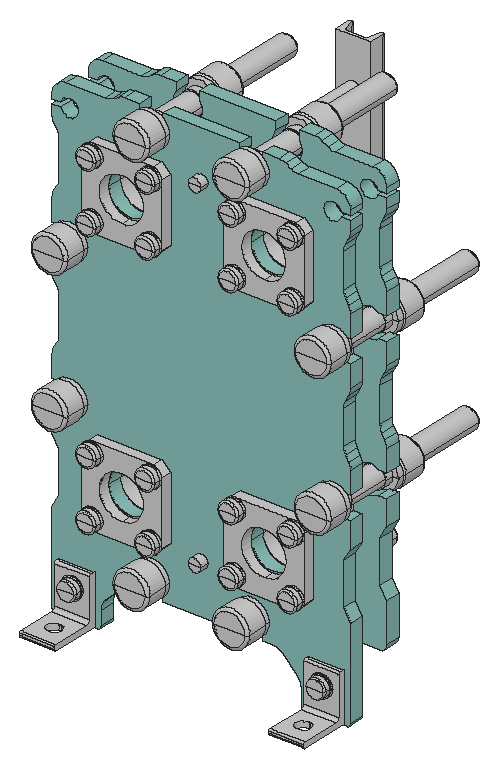
Revit family "Ekin_Endüstriyel - MIT510", category Specialty Equipment, Revit 2022
Family settings
  Round Connector Dimension = Use Diameter
  Part Type = Normal
  Work Plane-Based = No
  Always vertical = No
  Cut with Voids When Loaded = No
  Maintain Annotation Orientation = No
  Shared = No
  Room Calculation Point = No
Parameters (values of type "E12340000F50L")
  URL = "https://en.ekinendustriyel.com/plate-heat-exchanger"
  Type Comments = "10 bar"
  Model = "E12340000F50L"
  Material = Galvanized Steel- S235JR
  Manufacturer = "Ekin Endüstriyel"
  Keynote = "Flanged Connection"
  Description = "MIT - Heat Exchanger - 10 bar"
  Default Elevation = 0 mm
Reference planes
  plane 1 "Center (Front/Back)": y = 0
  plane 2: z = 0
  plane 3 "Center (Left/Right)": x = 0
  plane 4: x = 29.75
  plane 5: x = -29.75
Forms (mm)
  Revolve 1, solid, material "Galvanized Steel- S235JR", detail levels fine
    sketch origin (55.415, 0, 665) x (0, 1, 0) y (-1, 0, 0)
      loop
        line (239.929, 141.409) -> (133.1, 141.409) -> (133.1, 148.106)
        spline (133.1, 148.106) -> (133.043, 148.492) -> (132.937, 148.878) -> (132.783, 149.261) -> (132.58, 149.642) -> (132.33, 150.02) -> (132.032, 150.394) -> (131.687, 150.763) -> (131.296, 151.128) -> (130.86, 151.486) -> (130.378, 151.839) -> (129.853, 152.184) -> (129.284, 152.521)
        line (129.284, 152.521) -> (96.816, 152.521)
        spline (96.816, 152.521) -> (96.247, 152.184) -> (95.722, 151.839) -> (95.24, 151.486) -> (94.804, 151.128) -> (94.413, 150.763) -> (94.068, 150.394) -> (93.77, 150.02) -> (93.52, 149.642) -> (93.317, 149.261) -> (93.163, 148.878) -> (93.057, 148.492) -> (93, 148.106)
        line (93, 148.106) -> (93, 151.415) -> (85, 151.415) -> (85, 142.915) -> (73, 142.915) -> (73, 141.393) -> (12, 141.393) -> (12, 142.915) -> (0, 142.915) -> (0, 151.331) -> (-8.028, 151.331) -> (-8.028, 152.156) -> (-34.932, 152.156)
        arc (-34.932, 152.156) -> (-37.526, 151.081) -> (-38.6, 148.488) r 3.668
        line (-38.6, 148.488) -> (-38.6, 126.37) -> (242, 126.37) -> (242, 140.262) -> (239.929, 141.409)
      axis (-38.6, 126.37) -> (242, 126.37)
    angle from 0 to 360
  Revolve 2, solid, material "Galvanized Steel- S235JR", detail levels fine
    sketch origin (0, 0, 622.527) x (-1, 0, 0) y (0, -1, 0)
      loop
        line (0, -287) -> (9, -287) -> (9, -275) -> (6, -275) -> (6, -270) -> (9.5, -270) -> (9.5, -22) -> (6.243, -22) -> (6.243, 0) -> (9, 0) -> (9, 12) -> (0, 12) -> (0, -287)
      axis (0, 12) -> (0, -287)
    angle from 0 to 360
  Revolve 3, solid, material "Galvanized Steel- S235JR", detail levels fine
    sketch origin (-66.5, 0.5, 45) x (-1, 0, 0) y (0, -1, 0)
      loop
        line (116, -39.3) -> (118, -37.3) -> (118, -35.3) -> (123, -35.3) -> (124.678, -33.088) -> (124.678, -24.912) -> (123, -22.7) -> (126, -22.7) -> (126, -20.511)
        arc (126, -20.511) -> (125.85, -20.15) -> (125.489, -20) r 0.511
        line (125.489, -20) -> (118, -20) -> (118, 8) -> (126, 8) -> (126, 10.165)
        arc (126, 10.165) -> (125.843, 10.543) -> (125.465, 10.7) r 0.535
        line (125.465, 10.7) -> (124.062, 10.7) -> (124.062, 17.485) -> (123, 20.7) -> (111, 20.7) -> (111, -39.3) -> (116, -39.3)
      axis (111, 20.7) -> (111, -39.3)
    angle from 0 to 360
  Extrusion 4, solid, material "Galvanized Steel - S235JR", detail levels coarse
    sketch origin (0, 0, 0) x (1, 0, 0) y (0, 0, 1)
      loop
        line (212.5, 690) -> (-212.5, 690) -> (-212.5, 0) -> (212.5, 0) -> (212.5, 690)
    from 0 to -20
  Extrusion 5, solid, material "Galvanized Steel - S235JR", detail levels coarse
    sketch origin (0, 0, 0) x (1, 0, 0) y (0, 0, 1)
      loop
        line (212.5, 690) -> (-212.5, 690) -> (-212.5, 0) -> (212.5, 0) -> (212.5, 690)
    from -65 to -85
  Extrusion 6, solid, material "Galvanized Steel- S235JR", detail levels coarse
    sketch origin (0, 0, 0) x (1, 0, 0) y (0, 0, 1)
      loop
        line (212.5, 690) -> (-212.5, 690) -> (-212.5, 0) -> (212.5, 0) -> (212.5, 690)
    from -20 to -65
  Extrusion 7, solid, material "Galvanized Steel- S235JR", detail levels coarse
    sketch origin (0, 0, 0) x (1, 0, 0) y (0, 0, 1)
      loop
        line (-159, 627.5) -> (-159, 512.5) -> (-44, 512.5) -> (-44, 627.5) -> (-159, 627.5)
      loop
        line (159, 627.5) -> (44, 627.5) -> (44, 512.5) -> (159, 512.5) -> (159, 627.5)
      loop
        line (-159, 132.5) -> (-44, 132.5) -> (-44, 247.5) -> (-159, 247.5) -> (-159, 132.5)
      loop
        line (159, 132.5) -> (159, 247.5) -> (44, 247.5) -> (44, 132.5) -> (159, 132.5)
    from 0 to 15
  Extrusion 8, solid, material "Galvanized Steel- S235JR", detail levels coarse
    sketch origin (0, 0, 0) x (1, 0, 0) y (0, 0, 1)
      loop
        circle (-71, 665) r 21.546
      loop
        circle (-187.5, 480) r 21.546
      loop
        circle (-187.5, 280) r 21.546
      loop
        circle (-71, 92) r 21.546
      loop
        circle (71, 665) r 21.546
      loop
        circle (187.5, 480) r 21.546
      loop
        circle (187.5, 280) r 21.546
      loop
        circle (71, 92) r 21.546
    from 0 to 38.6
  Extrusion 9, solid, material "Galvanized Steel- S235JR", detail levels coarse
    sketch origin (0, 0, 0) x (1, 0, 0) y (0, 0, 1)
      loop
        circle (-71, 665) r 15
      loop
        circle (-187.5, 480) r 15
      loop
        circle (-187.5, 280) r 15
      loop
        circle (-71, 92) r 15
      loop
        circle (71, 665) r 15
      loop
        circle (187.5, 480) r 15
      loop
        circle (187.5, 280) r 15
      loop
        circle (71, 92) r 15
    from -242 to -85
  Extrusion 10, solid, material "Galvanized Steel- S235JR", detail levels coarse
    sketch origin (0, 0, 0) x (1, 0, 0) y (0, 0, 1)
      loop
        circle (0, 622.5) r 15
      loop
        circle (0, 137.5) r 15
    from -270 to -85
  Extrusion 11, solid, material "Galvanized Steel- S235JR", detail levels coarse
    sketch origin (0, 0, 318) x (-1, 0, 0) y (0, -1, 0)
      loop
        line (25, -270) -> (-25, -270) -> (-25, -295) -> (25, -295) -> (25, -270)
    from -318 to 372
  Extrusion 12, solid, material "Galvanized Steel- S235JR", detail levels coarse
    sketch origin (0, 0, 318) x (-1, 0, 0) y (0, -1, 0)
      loop
        line (202.5, 70) -> (152.5, 70) -> (152.5, 0) -> (202.5, 0) -> (202.5, 70)
      loop
        line (-202.5, 70) -> (-202.5, 0) -> (-152.5, 0) -> (-152.5, 70) -> (-202.5, 70)
    from -318 to -248
  Extrusion 13, solid, material "Galvanized Steel - S235JR", detail levels medium
    sketch origin (0, 0, 0) x (1, 0, 0) y (0, 0, 1)
      loop
        line (-212.5, 67) -> (212.5, 67) -> (212.5, 690) -> (-212.5, 690) -> (-212.5, 67)
      loop
        circle (71, 665) r 15
      loop
        circle (187.5, 480) r 15
      loop
        circle (187.5, 280) r 15
      loop
        circle (71, 92) r 15
      loop
        circle (-71, 92) r 15
      loop
        circle (-187.5, 280) r 15
      loop
        circle (-187.5, 480) r 15
      loop
        circle (-71, 665) r 15
      loop
        circle (0, 137.5) r 15
      loop
        circle (0, 622.5) r 15
    from -65 to -85
  Extrusion 14, solid, material "Galvanized Steel- S235JR", detail levels medium
    sketch origin (-187.5, 20, 280) x (0, 0, 1) y (1, 0, 0)
      loop
        line (355.5, 172.5) -> (343.5, 172.5)
        arc (343.5, 172.5) -> (328.5, 187.5) -> (343.5, 202.5) r 15
        line (343.5, 202.5) -> (355.5, 202.5) -> (355.5, 301)
        arc (355.5, 301) -> (340.855, 336.355) -> (305.5, 351) r 50
        line (305.5, 351) -> (-105.5, 351)
        arc (-105.5, 351) -> (-140.855, 336.355) -> (-155.5, 301) r 50
        line (-155.5, 301) -> (-155.5, 202.5) -> (-143.5, 202.5)
        arc (-143.5, 202.5) -> (-128.5, 187.5) -> (-143.5, 172.5) r 15
        line (-143.5, 172.5) -> (-155.5, 172.5) -> (-155.5, 74)
        arc (-155.5, 74) -> (-140.855, 38.644) -> (-105.5, 24) r 50
        line (-105.5, 24) -> (305.5, 24)
        arc (305.5, 24) -> (340.855, 38.644) -> (355.5, 74) r 50
        line (355.5, 74) -> (355.5, 172.5)
    from 0 to 45
  Extrusion 15, solid, material "Galvanized Steel- S235JR", detail levels medium
    sketch origin (0, 0, 0) x (1, 0, 0) y (0, 0, 1)
      loop
        arc (-143, 627.5) -> (-154.314, 622.814) -> (-159, 611.5) r 16
        line (-159, 611.5) -> (-159, 528.5)
        arc (-159, 528.5) -> (-154.314, 517.186) -> (-143, 512.5) r 16
        line (-143, 512.5) -> (-60, 512.5)
        arc (-60, 512.5) -> (-48.686, 517.186) -> (-44, 528.5) r 16
        line (-44, 528.5) -> (-44, 611.5)
        arc (-44, 611.5) -> (-48.686, 622.814) -> (-60, 627.5) r 16
        line (-60, 627.5) -> (-143, 627.5)
      loop
        circle (-101.5, 570) r 31.5
      loop
        line (143, 627.5) -> (60, 627.5)
        arc (60, 627.5) -> (48.686, 622.814) -> (44, 611.5) r 16
        line (44, 611.5) -> (44, 528.5)
        arc (44, 528.5) -> (48.686, 517.186) -> (60, 512.5) r 16
        line (60, 512.5) -> (143, 512.5)
        arc (143, 512.5) -> (154.314, 517.186) -> (159, 528.5) r 16
        line (159, 528.5) -> (159, 611.5)
        arc (159, 611.5) -> (154.314, 622.814) -> (143, 627.5) r 16
      loop
        circle (101.5, 570) r 31.5
      loop
        line (-143, 132.5) -> (-60, 132.5)
        arc (-60, 132.5) -> (-48.686, 137.186) -> (-44, 148.5) r 16
        line (-44, 148.5) -> (-44, 231.5)
        arc (-44, 231.5) -> (-48.686, 242.814) -> (-60, 247.5) r 16
        line (-60, 247.5) -> (-143, 247.5)
        arc (-143, 247.5) -> (-154.314, 242.814) -> (-159, 231.5) r 16
        line (-159, 231.5) -> (-159, 148.5)
        arc (-159, 148.5) -> (-154.314, 137.186) -> (-143, 132.5) r 16
      loop
        circle (-101.5, 190) r 31.5
      loop
        arc (143, 132.5) -> (154.314, 137.186) -> (159, 148.5) r 16
        line (159, 148.5) -> (159, 231.5)
        arc (159, 231.5) -> (154.314, 242.814) -> (143, 247.5) r 16
        line (143, 247.5) -> (60, 247.5)
        arc (60, 247.5) -> (48.686, 242.814) -> (44, 231.5) r 16
        line (44, 231.5) -> (44, 148.5)
        arc (44, 148.5) -> (48.686, 137.186) -> (60, 132.5) r 16
        line (60, 132.5) -> (143, 132.5)
      loop
        circle (101.5, 190) r 31.5
    from 0 to 15
  Extrusion 16, solid, material "Galvanized Steel- S235JR", detail levels medium
    sketch origin (0, 0, 318) x (-1, 0, 0) y (0, -1, 0)
      loop
        line (-25, -295) -> (-19.494, -295) -> (-19.494, -274.5) -> (19.494, -274.5) -> (19.494, -295) -> (25, -295) -> (25, -270) -> (-25, -270) -> (-25, -295)
    from -318 to 372
  Extrusion 17, solid, material "Galvanized Steel- S235JR", detail levels medium
    sketch origin (-187.5, 20, 280) x (0, 0, 1) y (1, 0, 0)
      loop
        circle (385, 258.5) r 15
      loop
        circle (200, 375) r 15
      loop
        circle (0, 375) r 15
      loop
        circle (-188, 258.5) r 15
      loop
        circle (385, 116.5) r 15
      loop
        circle (200, -0.001) r 15
      loop
        circle (0, -0.001) r 15
      loop
        circle (-188, 116.5) r 15
    from -58.6 to 222
  Extrusion 18, solid, material "Galvanized Steel - S235JR", detail levels medium
    sketch origin (0, 0, 0) x (1, 0, 0) y (0, 0, 1)
      loop
        line (-212.5, 67) -> (212.5, 67) -> (212.5, 690) -> (-212.5, 690) -> (-212.5, 67)
      loop
        circle (71, 665) r 15
      loop
        circle (187.5, 480) r 15
      loop
        circle (187.5, 280) r 15
      loop
        circle (71, 92) r 15
      loop
        circle (-71, 92) r 15
      loop
        circle (-187.5, 280) r 15
      loop
        circle (-187.5, 480) r 15
      loop
        circle (-71, 665) r 15
      loop
        circle (0, 137.5) r 15
      loop
        circle (0, 622.5) r 15
    from 0 to -20
  Extrusion 19, solid, material "Galvanized Steel- S235JR", detail levels medium
    sketch origin (-187.5, 20, 280) x (0, 0, 1) y (1, 0, 0)
      loop
        circle (342.5, 187.5) r 15
      loop
        circle (-142.5, 187.5) r 15
    from -20 to 250
  Extrusion 20, solid, material "Galvanized Steel- S235JR", detail levels medium
    sketch origin (0, 0, 0) x (0, 1, 0) y (0, 0, 1)
      loop
        line (0, 70) -> (-7.5, 70) -> (-7.5, 7.5) -> (-70, 7.5) -> (-70, 0) -> (0, 0) -> (0, 70)
    from 152.5 to 202.5
  Extrusion 21, solid, material "Galvanized Steel- S235JR", detail levels medium
    sketch origin (0, 0, 0) x (0, 1, 0) y (0, 0, 1)
      loop
        line (0, 70) -> (-7.5, 70) -> (-7.5, 7.5) -> (-70, 7.5) -> (-70, 0) -> (0, 0) -> (0, 70)
    from -152.5 to -202.5
  Extrusion 22, solid, material "Galvanized Steel - S235JR", detail levels fine
    sketch origin (0, 0, 0) x (1, 0, 0) y (0, 0, 1)
      loop
        arc (-54.5, 677.99) -> (-71, 644) -> (-87.5, 677.99) r 21
        line (-87.5, 677.99) -> (-87.5, 690) -> (-109.641, 690)
        arc (-109.641, 690) -> (-114.817, 689.319) -> (-119.641, 687.321) r 20
        line (-119.641, 687.321) -> (-127.679, 682.679)
        arc (-127.679, 682.679) -> (-132.503, 680.681) -> (-137.679, 680) r 20
        line (-137.679, 680) -> (-192.5, 680)
        arc (-192.5, 680) -> (-206.642, 674.142) -> (-212.5, 660) r 20
        line (-212.5, 660) -> (-212.5, 653) -> (-199.635, 653)
        arc (-199.635, 653) -> (-175, 650) -> (-199.635, 647) r 12.5
        line (-199.635, 647) -> (-212.5, 647) -> (-212.5, 632.679)
        arc (-212.5, 632.679) -> (-211.819, 627.503) -> (-209.821, 622.679) r 20
        line (-209.821, 622.679) -> (-205.179, 614.641)
        arc (-205.179, 614.641) -> (-203.181, 609.817) -> (-202.5, 604.641) r 20
        line (-202.5, 604.641) -> (-202.5, 555.359)
        arc (-202.5, 555.359) -> (-203.181, 550.183) -> (-205.179, 545.359) r 20
        line (-205.179, 545.359) -> (-209.821, 537.321)
        arc (-209.821, 537.321) -> (-211.819, 532.497) -> (-212.5, 527.321) r 20
        line (-212.5, 527.321) -> (-212.5, 496.5) -> (-200.49, 496.5)
        arc (-200.49, 496.5) -> (-166.5, 480) -> (-200.49, 463.5) r 21
        line (-200.49, 463.5) -> (-212.5, 463.5) -> (-212.5, 432.679)
        arc (-212.5, 432.679) -> (-211.819, 427.503) -> (-209.821, 422.679) r 20
        line (-209.821, 422.679) -> (-205.179, 414.641)
        arc (-205.179, 414.641) -> (-203.181, 409.817) -> (-202.5, 404.641) r 20
        line (-202.5, 404.641) -> (-202.5, 355.359)
        arc (-202.5, 355.359) -> (-203.181, 350.183) -> (-205.179, 345.359) r 20
        line (-205.179, 345.359) -> (-209.821, 337.321)
        arc (-209.821, 337.321) -> (-211.819, 332.497) -> (-212.5, 327.321) r 20
        line (-212.5, 327.321) -> (-212.5, 296.5) -> (-200.49, 296.5)
        arc (-200.49, 296.5) -> (-166.5, 280) -> (-200.49, 263.5) r 21
        line (-200.49, 263.5) -> (-212.5, 263.5) -> (-212.5, 227.321) -> (-202.5, 210) -> (-202.5, 150) -> (-212.5, 132.679) -> (-212.5, 5)
        arc (-212.5, 5) -> (-211.036, 1.464) -> (-207.5, 0) r 5
        line (-207.5, 0) -> (-180.5, 0) -> (-180.5, 34.938)
        arc (-180.5, 34.938) -> (-177.5, 55.5) -> (-174.5, 34.938) r 10.5
        line (-174.5, 34.938) -> (-174.5, 0) -> (-147.5, 0)
        arc (-147.5, 0) -> (-143.964, 1.464) -> (-142.5, 5) r 5
        line (-142.5, 5) -> (-142.5, 25.716)
        arc (-142.5, 25.716) -> (-140.978, 33.369) -> (-136.642, 39.858) r 20
        line (-136.642, 39.858) -> (-115.358, 61.142)
        arc (-115.358, 61.142) -> (-108.869, 65.478) -> (-101.216, 67) r 20
        line (-101.216, 67) -> (-87.5, 67) -> (-87.5, 79.01)
        arc (-87.5, 79.01) -> (-71, 113) -> (-54.5, 79.01) r 21
        line (-54.5, 79.01) -> (-54.5, 67) -> (54.5, 67) -> (54.5, 79.01)
        arc (54.5, 79.01) -> (71, 113) -> (87.5, 79.01) r 21
        line (87.5, 79.01) -> (87.5, 67) -> (101.216, 67)
        arc (101.216, 67) -> (108.869, 65.478) -> (115.358, 61.142) r 20
        line (115.358, 61.142) -> (136.642, 39.858)
        arc (136.642, 39.858) -> (140.978, 33.369) -> (142.5, 25.716) r 20
        line (142.5, 25.716) -> (142.5, 5)
        arc (142.5, 5) -> (143.964, 1.464) -> (147.5, 0) r 5
        line (147.5, 0) -> (174.5, 0) -> (174.5, 34.938)
        arc (174.5, 34.938) -> (177.5, 55.5) -> (180.5, 34.938) r 10.5
        line (180.5, 34.938) -> (180.5, 0) -> (207.5, 0)
        arc (207.5, 0) -> (211.036, 1.464) -> (212.5, 5) r 5
        line (212.5, 5) -> (212.5, 132.679) -> (202.5, 150) -> (202.5, 210) -> (212.5, 227.321) -> (212.5, 263.5) -> (200.49, 263.5)
        arc (200.49, 263.5) -> (166.5, 280) -> (200.49, 296.5) r 21
        line (200.49, 296.5) -> (212.5, 296.5) -> (212.5, 327.321)
        arc (212.5, 327.321) -> (211.819, 332.497) -> (209.821, 337.321) r 20
        line (209.821, 337.321) -> (205.179, 345.359)
        arc (205.179, 345.359) -> (203.181, 350.183) -> (202.5, 355.359) r 20
        line (202.5, 355.359) -> (202.5, 404.641)
        arc (202.5, 404.641) -> (203.181, 409.817) -> (205.179, 414.641) r 20
        line (205.179, 414.641) -> (209.821, 422.679)
        arc (209.821, 422.679) -> (211.819, 427.503) -> (212.5, 432.679) r 20
        line (212.5, 432.679) -> (212.5, 463.5) -> (200.49, 463.5)
        arc (200.49, 463.5) -> (166.5, 480) -> (200.49, 496.5) r 21
        line (200.49, 496.5) -> (212.5, 496.5) -> (212.5, 527.321)
        arc (212.5, 527.321) -> (211.819, 532.497) -> (209.821, 537.321) r 20
        line (209.821, 537.321) -> (205.179, 545.359)
        arc (205.179, 545.359) -> (203.181, 550.183) -> (202.5, 555.359) r 20
        line (202.5, 555.359) -> (202.5, 604.641)
        arc (202.5, 604.641) -> (203.181, 609.817) -> (205.179, 614.641) r 20
        line (205.179, 614.641) -> (209.821, 622.679)
        arc (209.821, 622.679) -> (211.819, 627.503) -> (212.5, 632.679) r 20
        line (212.5, 632.679) -> (212.5, 647) -> (199.635, 647)
        arc (199.635, 647) -> (175, 650) -> (199.635, 653) r 12.5
        line (199.635, 653) -> (212.5, 653) -> (212.5, 660)
        arc (212.5, 660) -> (206.642, 674.142) -> (192.5, 680) r 20
        line (192.5, 680) -> (137.679, 680)
        arc (137.679, 680) -> (132.503, 680.681) -> (127.679, 682.679) r 20
        line (127.679, 682.679) -> (119.641, 687.321)
        arc (119.641, 687.321) -> (114.817, 689.319) -> (109.641, 690) r 20
        line (109.641, 690) -> (87.5, 690) -> (87.5, 677.99)
        arc (87.5, 677.99) -> (71, 644) -> (54.5, 677.99) r 21
        line (54.5, 677.99) -> (54.5, 690) -> (-54.5, 690) -> (-54.5, 677.99)
      loop
        circle (-101.5, 570) r 30
      loop
        circle (101.5, 570) r 30
      loop
        circle (101.5, 190) r 30
      loop
        circle (-101.5, 190) r 30
      loop
        circle (0, 622.5) r 5.1
      loop
        circle (0, 137.5) r 5.1
      loop
        circle (-143.5, 612) r 7
      loop
        circle (-59.5, 612) r 7
      loop
        circle (-143.5, 528) r 7
      loop
        circle (-59.5, 528) r 7
      loop
        circle (143.5, 612) r 7
      loop
        circle (59.5, 612) r 7
      loop
        circle (143.5, 528) r 7
      loop
        circle (59.5, 528) r 7
      loop
        circle (-143.5, 148) r 7
      loop
        circle (-59.5, 148) r 7
      loop
        circle (-143.5, 232) r 7
      loop
        circle (-59.5, 232) r 7
      loop
        circle (143.5, 148) r 7
      loop
        circle (59.5, 148) r 7
      loop
        circle (143.5, 232) r 7
      loop
        circle (59.5, 232) r 7
    from 0 to -20
  Extrusion 23, solid, material "Galvanized Steel - S235JR", detail levels fine
    sketch origin (0, 0, 0) x (1, 0, 0) y (0, 0, 1)
      loop
        arc (-54.5, 677.99) -> (-71, 644) -> (-87.5, 677.99) r 21
        line (-87.5, 677.99) -> (-87.5, 690) -> (-109.641, 690)
        arc (-109.641, 690) -> (-114.817, 689.319) -> (-119.641, 687.321) r 20
        line (-119.641, 687.321) -> (-127.679, 682.679)
        arc (-127.679, 682.679) -> (-132.503, 680.681) -> (-137.679, 680) r 20
        line (-137.679, 680) -> (-192.5, 680)
        arc (-192.5, 680) -> (-206.642, 674.142) -> (-212.5, 660) r 20
        line (-212.5, 660) -> (-212.5, 653) -> (-199.635, 653)
        arc (-199.635, 653) -> (-175, 650) -> (-199.635, 647) r 12.5
        line (-199.635, 647) -> (-212.5, 647) -> (-212.5, 632.679)
        arc (-212.5, 632.679) -> (-211.819, 627.503) -> (-209.821, 622.679) r 20
        line (-209.821, 622.679) -> (-205.179, 614.641)
        arc (-205.179, 614.641) -> (-203.181, 609.817) -> (-202.5, 604.641) r 20
        line (-202.5, 604.641) -> (-202.5, 555.359)
        arc (-202.5, 555.359) -> (-203.181, 550.183) -> (-205.179, 545.359) r 20
        line (-205.179, 545.359) -> (-209.821, 537.321)
        arc (-209.821, 537.321) -> (-211.819, 532.497) -> (-212.5, 527.321) r 20
        line (-212.5, 527.321) -> (-212.5, 496.5) -> (-200.49, 496.5)
        arc (-200.49, 496.5) -> (-166.5, 480) -> (-200.49, 463.5) r 21
        line (-200.49, 463.5) -> (-212.5, 463.5) -> (-212.5, 432.679)
        arc (-212.5, 432.679) -> (-211.819, 427.503) -> (-209.821, 422.679) r 20
        line (-209.821, 422.679) -> (-205.179, 414.641)
        arc (-205.179, 414.641) -> (-203.181, 409.817) -> (-202.5, 404.641) r 20
        line (-202.5, 404.641) -> (-202.5, 355.359)
        arc (-202.5, 355.359) -> (-203.181, 350.183) -> (-205.179, 345.359) r 20
        line (-205.179, 345.359) -> (-209.821, 337.321)
        arc (-209.821, 337.321) -> (-211.819, 332.497) -> (-212.5, 327.321) r 20
        line (-212.5, 327.321) -> (-212.5, 296.5) -> (-200.49, 296.5)
        arc (-200.49, 296.5) -> (-166.5, 280) -> (-200.49, 263.5) r 21
        line (-200.49, 263.5) -> (-212.5, 263.5) -> (-212.5, 227.321) -> (-202.5, 210) -> (-202.5, 150) -> (-212.5, 132.679) -> (-212.5, 77)
        arc (-212.5, 77) -> (-209.571, 69.929) -> (-202.5, 67) r 10
        line (-202.5, 67) -> (-87.5, 67) -> (-87.5, 79.01)
        arc (-87.5, 79.01) -> (-71, 113) -> (-54.5, 79.01) r 21
        line (-54.5, 79.01) -> (-54.5, 67) -> (-26.5, 67)
        arc (-26.5, 67) -> (-19.429, 69.929) -> (-16.5, 77) r 10
        line (-16.5, 77) -> (-16.5, 147.5)
        arc (-16.5, 147.5) -> (0, 164) -> (16.5, 147.5) r 16.5
        line (16.5, 147.5) -> (16.5, 77)
        arc (16.5, 77) -> (19.429, 69.929) -> (26.5, 67) r 10
        line (26.5, 67) -> (54.5, 67) -> (54.5, 79.01)
        arc (54.5, 79.01) -> (71, 113) -> (87.5, 79.01) r 21
        line (87.5, 79.01) -> (87.5, 67) -> (202.5, 67)
        arc (202.5, 67) -> (209.571, 69.929) -> (212.5, 77) r 10
        line (212.5, 77) -> (212.5, 132.679) -> (202.5, 150) -> (202.5, 210) -> (212.5, 227.321) -> (212.5, 263.5) -> (200.49, 263.5)
        arc (200.49, 263.5) -> (166.5, 280) -> (200.49, 296.5) r 21
        line (200.49, 296.5) -> (212.5, 296.5) -> (212.5, 327.321)
        arc (212.5, 327.321) -> (211.819, 332.497) -> (209.821, 337.321) r 20
        line (209.821, 337.321) -> (205.179, 345.359)
        arc (205.179, 345.359) -> (203.181, 350.183) -> (202.5, 355.359) r 20
        line (202.5, 355.359) -> (202.5, 404.641)
        arc (202.5, 404.641) -> (203.181, 409.817) -> (205.179, 414.641) r 20
        line (205.179, 414.641) -> (209.821, 422.679)
        arc (209.821, 422.679) -> (211.819, 427.503) -> (212.5, 432.679) r 20
        line (212.5, 432.679) -> (212.5, 463.5) -> (200.49, 463.5)
        arc (200.49, 463.5) -> (166.5, 480) -> (200.49, 496.5) r 21
        line (200.49, 496.5) -> (212.5, 496.5) -> (212.5, 527.321)
        arc (212.5, 527.321) -> (211.819, 532.497) -> (209.821, 537.321) r 20
        line (209.821, 537.321) -> (205.179, 545.359)
        arc (205.179, 545.359) -> (203.181, 550.183) -> (202.5, 555.359) r 20
        line (202.5, 555.359) -> (202.5, 604.641)
        arc (202.5, 604.641) -> (203.181, 609.817) -> (205.179, 614.641) r 20
        line (205.179, 614.641) -> (209.821, 622.679)
        arc (209.821, 622.679) -> (211.819, 627.503) -> (212.5, 632.679) r 20
        line (212.5, 632.679) -> (212.5, 647) -> (199.635, 647)
        arc (199.635, 647) -> (175, 650) -> (199.635, 653) r 12.5
        line (199.635, 653) -> (212.5, 653) -> (212.5, 660)
        arc (212.5, 660) -> (206.642, 674.142) -> (192.5, 680) r 20
        line (192.5, 680) -> (137.679, 680)
        arc (137.679, 680) -> (132.503, 680.681) -> (127.679, 682.679) r 20
        line (127.679, 682.679) -> (119.641, 687.321)
        arc (119.641, 687.321) -> (114.817, 689.319) -> (109.641, 690) r 20
        line (109.641, 690) -> (87.5, 690) -> (87.5, 677.99)
        arc (87.5, 677.99) -> (71, 644) -> (54.5, 677.99) r 21
        line (54.5, 677.99) -> (54.5, 690) -> (-54.5, 690) -> (-54.5, 677.99)
      loop
        circle (0, 622.5) r 16.5
    from -65 to -85
  Extrusion 24, solid, material "Galvanized Steel- S235JR", detail levels fine
    sketch origin (-187.5, 20, 280) x (0, 0, 1) y (1, 0, 0)
      loop
        line (355.5, 172.5) -> (343.5, 172.5)
        arc (343.5, 172.5) -> (328.5, 187.5) -> (343.5, 202.5) r 15
        line (343.5, 202.5) -> (355.5, 202.5) -> (355.5, 301)
        arc (355.5, 301) -> (340.855, 336.355) -> (305.5, 351) r 50
        line (305.5, 351) -> (-105.5, 351)
        arc (-105.5, 351) -> (-140.855, 336.355) -> (-155.5, 301) r 50
        line (-155.5, 301) -> (-155.5, 202.5) -> (-143.5, 202.5)
        arc (-143.5, 202.5) -> (-128.5, 187.5) -> (-143.5, 172.5) r 15
        line (-143.5, 172.5) -> (-155.5, 172.5) -> (-155.5, 74)
        arc (-155.5, 74) -> (-140.855, 38.644) -> (-105.5, 24) r 50
        line (-105.5, 24) -> (305.5, 24)
        arc (305.5, 24) -> (340.855, 38.644) -> (355.5, 74) r 50
        line (355.5, 74) -> (355.5, 172.5)
      loop
        circle (-90, 86) r 30
      loop
        circle (-90, 289) r 30
      loop
        circle (290, 289) r 30
      loop
        circle (290, 86) r 30
    from 0 to 45
  Extrusion 25, solid, material "Galvanized Steel- S235JR", detail levels fine
    sketch origin (0, 0, 318) x (-1, 0, 0) y (0, -1, 0)
      loop
        line (25, -292.21) -> (25, -270) -> (-25, -270) -> (-25, -292.21)
        arc (-25, -292.21) -> (-22.532, -294.981) -> (-19.494, -292.849) r 2.79
        line (-19.494, -292.849) -> (-15.473, -275.771)
        arc (-15.473, -275.771) -> (-15.121, -275.216) -> (-14.5, -275) r 1
        line (-14.5, -275) -> (14.5, -275)
        arc (14.5, -275) -> (15.121, -275.216) -> (15.473, -275.771) r 1
        line (15.473, -275.771) -> (19.494, -292.849)
        arc (19.494, -292.849) -> (22.532, -294.981) -> (25, -292.21) r 2.79
    from -318 to 372
  Revolve 26, solid, material "Galvanized Steel- S235JR", detail levels fine
    sketch origin (-61.082, 0, 479.953) x (0, 1, 0) y (-1, 0, 0)
      loop
        line (239.929, 141.409) -> (133.1, 141.409) -> (133.1, 148.106)
        spline (133.1, 148.106) -> (133.043, 148.492) -> (132.937, 148.878) -> (132.783, 149.261) -> (132.58, 149.642) -> (132.33, 150.02) -> (132.032, 150.394) -> (131.687, 150.763) -> (131.296, 151.128) -> (130.86, 151.486) -> (130.378, 151.839) -> (129.853, 152.184) -> (129.284, 152.521)
        line (129.284, 152.521) -> (96.816, 152.521)
        spline (96.816, 152.521) -> (96.247, 152.184) -> (95.722, 151.839) -> (95.24, 151.486) -> (94.804, 151.128) -> (94.413, 150.763) -> (94.068, 150.394) -> (93.77, 150.02) -> (93.52, 149.642) -> (93.317, 149.261) -> (93.163, 148.878) -> (93.057, 148.492) -> (93, 148.106)
        line (93, 148.106) -> (93, 151.415) -> (85, 151.415) -> (85, 142.915) -> (73, 142.915) -> (73, 141.393) -> (12, 141.393) -> (12, 142.915) -> (0, 142.915) -> (0, 151.331) -> (-8.028, 151.331) -> (-8.028, 152.156) -> (-34.932, 152.156)
        arc (-34.932, 152.156) -> (-37.526, 151.081) -> (-38.6, 148.488) r 3.668
        line (-38.6, 148.488) -> (-38.6, 126.37) -> (242, 126.37) -> (242, 140.262) -> (239.929, 141.409)
      axis (-38.6, 126.37) -> (242, 126.37)
    angle from 0 to 360
  Revolve 27, solid, material "Galvanized Steel- S235JR", detail levels fine
    sketch origin (55.415, 0, 92.032) x (-1, 0, 0) y (0, -1, 0)
      loop
        line (141.409, -239.929) -> (141.409, -133.1) -> (148.106, -133.1)
        spline (148.106, -133.1) -> (148.492, -133.043) -> (148.878, -132.937) -> (149.261, -132.783) -> (149.642, -132.58) -> (150.02, -132.33) -> (150.394, -132.032) -> (150.763, -131.687) -> (151.128, -131.296) -> (151.486, -130.86) -> (151.839, -130.378) -> (152.184, -129.853) -> (152.521, -129.284)
        line (152.521, -129.284) -> (152.521, -96.816)
        spline (152.521, -96.816) -> (152.184, -96.247) -> (151.839, -95.722) -> (151.486, -95.24) -> (151.128, -94.804) -> (150.763, -94.413) -> (150.394, -94.068) -> (150.02, -93.77) -> (149.642, -93.52) -> (149.261, -93.317) -> (148.878, -93.163) -> (148.492, -93.057) -> (148.106, -93)
        line (148.106, -93) -> (151.415, -93) -> (151.415, -85) -> (142.915, -85) -> (142.915, -73) -> (141.393, -73) -> (141.393, -12) -> (142.915, -12) -> (142.915, 0) -> (151.331, 0) -> (151.331, 8.028) -> (152.156, 8.028) -> (152.156, 34.932)
        arc (152.156, 34.932) -> (151.081, 37.526) -> (148.488, 38.6) r 3.668
        line (148.488, 38.6) -> (126.37, 38.6) -> (126.37, -242) -> (140.262, -242) -> (141.409, -239.929)
      axis (126.37, 38.6) -> (126.37, -242)
    angle from 0 to 360
  Revolve 28, solid, material "Galvanized Steel- S235JR", detail levels fine
    sketch origin (-61.082, 0, 280.047) x (-1, 0, 0) y (0, -1, 0)
      loop
        line (141.409, -239.929) -> (141.409, -133.1) -> (148.106, -133.1)
        spline (148.106, -133.1) -> (148.492, -133.043) -> (148.878, -132.937) -> (149.261, -132.783) -> (149.642, -132.58) -> (150.02, -132.33) -> (150.394, -132.032) -> (150.763, -131.687) -> (151.128, -131.296) -> (151.486, -130.86) -> (151.839, -130.378) -> (152.184, -129.853) -> (152.521, -129.284)
        line (152.521, -129.284) -> (152.521, -96.816)
        spline (152.521, -96.816) -> (152.184, -96.247) -> (151.839, -95.722) -> (151.486, -95.24) -> (151.128, -94.804) -> (150.763, -94.413) -> (150.394, -94.068) -> (150.02, -93.77) -> (149.642, -93.52) -> (149.261, -93.317) -> (148.878, -93.163) -> (148.492, -93.057) -> (148.106, -93)
        line (148.106, -93) -> (151.415, -93) -> (151.415, -85) -> (142.915, -85) -> (142.915, -73) -> (141.393, -73) -> (141.393, -12) -> (142.915, -12) -> (142.915, 0) -> (151.331, 0) -> (151.331, 8.028) -> (152.156, 8.028) -> (152.156, 34.932)
        arc (152.156, 34.932) -> (151.081, 37.526) -> (148.488, 38.6) r 3.668
        line (148.488, 38.6) -> (126.37, 38.6) -> (126.37, -242) -> (140.262, -242) -> (141.409, -239.929)
      axis (126.37, 38.6) -> (126.37, -242)
    angle from 0 to 360
  Revolve 29, solid, material "Galvanized Steel- S235JR", detail levels fine
    sketch origin (-55.415, 0, 665) x (0, -1, 0) y (1, 0, 0)
      loop
        line (-239.929, 141.409) -> (-242, 140.262) -> (-242, 126.37) -> (38.6, 126.37) -> (38.6, 148.488)
        arc (38.6, 148.488) -> (37.526, 151.081) -> (34.932, 152.156) r 3.668
        line (34.932, 152.156) -> (8.028, 152.156) -> (8.028, 151.331) -> (0, 151.331) -> (0, 142.915) -> (-12, 142.915) -> (-12, 141.393) -> (-73, 141.393) -> (-73, 142.915) -> (-85, 142.915) -> (-85, 151.415) -> (-93, 151.415) -> (-93, 148.106)
        spline (-93, 148.106) -> (-93.057, 148.492) -> (-93.163, 148.878) -> (-93.317, 149.261) -> (-93.52, 149.642) -> (-93.77, 150.02) -> (-94.068, 150.394) -> (-94.413, 150.763) -> (-94.804, 151.128) -> (-95.24, 151.486) -> (-95.722, 151.839) -> (-96.247, 152.184) -> (-96.816, 152.521)
        line (-96.816, 152.521) -> (-129.284, 152.521)
        spline (-129.284, 152.521) -> (-129.853, 152.184) -> (-130.378, 151.839) -> (-130.86, 151.486) -> (-131.296, 151.128) -> (-131.687, 150.763) -> (-132.032, 150.394) -> (-132.33, 150.02) -> (-132.58, 149.642) -> (-132.783, 149.261) -> (-132.937, 148.878) -> (-133.043, 148.492) -> (-133.1, 148.106)
        line (-133.1, 148.106) -> (-133.1, 141.409) -> (-239.929, 141.409)
      axis (38.6, 126.37) -> (-242, 126.37)
    angle from 0 to 360
  Revolve 30, solid, material "Galvanized Steel- S235JR", detail levels fine
    sketch origin (61.082, 0, 479.953) x (0, -1, 0) y (1, 0, 0)
      loop
        line (-239.929, 141.409) -> (-242, 140.262) -> (-242, 126.37) -> (38.6, 126.37) -> (38.6, 148.488)
        arc (38.6, 148.488) -> (37.526, 151.081) -> (34.932, 152.156) r 3.668
        line (34.932, 152.156) -> (8.028, 152.156) -> (8.028, 151.331) -> (0, 151.331) -> (0, 142.915) -> (-12, 142.915) -> (-12, 141.393) -> (-73, 141.393) -> (-73, 142.915) -> (-85, 142.915) -> (-85, 151.415) -> (-93, 151.415) -> (-93, 148.106)
        spline (-93, 148.106) -> (-93.057, 148.492) -> (-93.163, 148.878) -> (-93.317, 149.261) -> (-93.52, 149.642) -> (-93.77, 150.02) -> (-94.068, 150.394) -> (-94.413, 150.763) -> (-94.804, 151.128) -> (-95.24, 151.486) -> (-95.722, 151.839) -> (-96.247, 152.184) -> (-96.816, 152.521)
        line (-96.816, 152.521) -> (-129.284, 152.521)
        spline (-129.284, 152.521) -> (-129.853, 152.184) -> (-130.378, 151.839) -> (-130.86, 151.486) -> (-131.296, 151.128) -> (-131.687, 150.763) -> (-132.032, 150.394) -> (-132.33, 150.02) -> (-132.58, 149.642) -> (-132.783, 149.261) -> (-132.937, 148.878) -> (-133.043, 148.492) -> (-133.1, 148.106)
        line (-133.1, 148.106) -> (-133.1, 141.409) -> (-239.929, 141.409)
      axis (38.6, 126.37) -> (-242, 126.37)
    angle from 0 to 360
  Revolve 31, solid, material "Galvanized Steel- S235JR", detail levels fine
    sketch origin (-55.415, 0, 92.032) x (1, 0, 0) y (0, 1, 0)
      loop
        line (141.409, 239.929) -> (140.262, 242) -> (126.37, 242) -> (126.37, -38.6) -> (148.488, -38.6)
        arc (148.488, -38.6) -> (151.081, -37.526) -> (152.156, -34.932) r 3.668
        line (152.156, -34.932) -> (152.156, -8.028) -> (151.331, -8.028) -> (151.331, 0) -> (142.915, 0) -> (142.915, 12) -> (141.393, 12) -> (141.393, 73) -> (142.915, 73) -> (142.915, 85) -> (151.415, 85) -> (151.415, 93) -> (148.106, 93)
        spline (148.106, 93) -> (148.492, 93.057) -> (148.878, 93.163) -> (149.261, 93.317) -> (149.642, 93.52) -> (150.02, 93.77) -> (150.394, 94.068) -> (150.763, 94.413) -> (151.128, 94.804) -> (151.486, 95.24) -> (151.839, 95.722) -> (152.184, 96.247) -> (152.521, 96.816)
        line (152.521, 96.816) -> (152.521, 129.284)
        spline (152.521, 129.284) -> (152.184, 129.853) -> (151.839, 130.378) -> (151.486, 130.86) -> (151.128, 131.296) -> (150.763, 131.687) -> (150.394, 132.032) -> (150.02, 132.33) -> (149.642, 132.58) -> (149.261, 132.783) -> (148.878, 132.937) -> (148.492, 133.043) -> (148.106, 133.1)
        line (148.106, 133.1) -> (141.409, 133.1) -> (141.409, 239.929)
      axis (126.37, -38.6) -> (126.37, 242)
    angle from 0 to 360
  Revolve 32, solid, material "Galvanized Steel- S235JR", detail levels fine
    sketch origin (61.082, 0, 280.047) x (1, 0, 0) y (0, 1, 0)
      loop
        line (141.409, 239.929) -> (140.262, 242) -> (126.37, 242) -> (126.37, -38.6) -> (148.488, -38.6)
        arc (148.488, -38.6) -> (151.081, -37.526) -> (152.156, -34.932) r 3.668
        line (152.156, -34.932) -> (152.156, -8.028) -> (151.331, -8.028) -> (151.331, 0) -> (142.915, 0) -> (142.915, 12) -> (141.393, 12) -> (141.393, 73) -> (142.915, 73) -> (142.915, 85) -> (151.415, 85) -> (151.415, 93) -> (148.106, 93)
        spline (148.106, 93) -> (148.492, 93.057) -> (148.878, 93.163) -> (149.261, 93.317) -> (149.642, 93.52) -> (150.02, 93.77) -> (150.394, 94.068) -> (150.763, 94.413) -> (151.128, 94.804) -> (151.486, 95.24) -> (151.839, 95.722) -> (152.184, 96.247) -> (152.521, 96.816)
        line (152.521, 96.816) -> (152.521, 129.284)
        spline (152.521, 129.284) -> (152.184, 129.853) -> (151.839, 130.378) -> (151.486, 130.86) -> (151.128, 131.296) -> (150.763, 131.687) -> (150.394, 132.032) -> (150.02, 132.33) -> (149.642, 132.58) -> (149.261, 132.783) -> (148.878, 132.937) -> (148.492, 133.043) -> (148.106, 133.1)
        line (148.106, 133.1) -> (141.409, 133.1) -> (141.409, 239.929)
      axis (126.37, -38.6) -> (126.37, 242)
    angle from 0 to 360
  Revolve 33, solid, material "Galvanized Steel- S235JR", detail levels fine
    sketch origin (66.5, 0.5, 45) x (1, 0, 0) y (0, 1, 0)
      loop
        line (116, 39.3) -> (111, 39.3) -> (111, -20.7) -> (123, -20.7) -> (124.062, -17.485) -> (124.062, -10.7) -> (125.465, -10.7)
        arc (125.465, -10.7) -> (125.843, -10.543) -> (126, -10.165) r 0.535
        line (126, -10.165) -> (126, -8) -> (118, -8) -> (118, 20) -> (125.489, 20)
        arc (125.489, 20) -> (125.85, 20.15) -> (126, 20.511) r 0.511
        line (126, 20.511) -> (126, 22.7) -> (123, 22.7) -> (124.678, 24.912) -> (124.678, 33.088) -> (123, 35.3) -> (118, 35.3) -> (118, 37.3) -> (116, 39.3)
      axis (111, -20.7) -> (111, 39.3)
    angle from 0 to 360
  Revolve 34, solid, material "Galvanized Steel- S235JR", detail levels fine
    sketch origin (0, 0, 137.473) x (0, 1, 0) y (-1, 0, 0)
      loop
        line (287, 0) -> (287, 9) -> (275, 9) -> (275, 6) -> (270, 6) -> (270, 9.5) -> (22, 9.5) -> (22, 6.243) -> (0, 6.243) -> (0, 9) -> (-12, 9) -> (-12, 0) -> (287, 0)
      axis (-12, 0) -> (287, 0)
    angle from 0 to 360
  Extrusion 35, solid, material "Galvanized Steel- S235JR", detail levels fine
    sketch origin (0, 0, 0) x (1, 0, 0) y (0, 0, 1)
      loop
        line (-159, 615.5) -> (-159, 524.5) -> (-147, 512.5) -> (-56, 512.5) -> (-44, 524.5) -> (-44, 615.5) -> (-56, 627.5) -> (-147, 627.5) -> (-159, 615.5)
      loop
        circle (-101.5, 570) r 31.5
      loop
        circle (-143.5, 612) r 7
      loop
        circle (-143.5, 528) r 7
      loop
        circle (-59.5, 612) r 7
      loop
        circle (-59.5, 528) r 7
      loop
        line (159, 615.5) -> (147, 627.5) -> (56, 627.5) -> (44, 615.5) -> (44, 524.5) -> (56, 512.5) -> (147, 512.5) -> (159, 524.5) -> (159, 615.5)
      loop
        circle (101.5, 570) r 31.5
      loop
        circle (143.5, 612) r 7
      loop
        circle (143.5, 528) r 7
      loop
        circle (59.5, 612) r 7
      loop
        circle (59.5, 528) r 7
      loop
        line (-159, 144.5) -> (-147, 132.5) -> (-56, 132.5) -> (-44, 144.5) -> (-44, 235.5) -> (-56, 247.5) -> (-147, 247.5) -> (-159, 235.5) -> (-159, 144.5)
      loop
        circle (-101.5, 190) r 31.5
      loop
        circle (-143.5, 148) r 7
      loop
        circle (-143.5, 232) r 7
      loop
        circle (-59.5, 148) r 7
      loop
        circle (-59.5, 232) r 7
      loop
        line (159, 144.5) -> (159, 235.5) -> (147, 247.5) -> (56, 247.5) -> (44, 235.5) -> (44, 144.5) -> (56, 132.5) -> (147, 132.5) -> (159, 144.5)
      loop
        circle (101.5, 190) r 31.5
      loop
        circle (143.5, 148) r 7
      loop
        circle (143.5, 232) r 7
      loop
        circle (59.5, 148) r 7
      loop
        circle (59.5, 232) r 7
    from 0 to 15
  Revolve 36, solid, material "Galvanized Steel- S235JR", detail levels fine
    sketch origin (55.415, 0, 612.001) x (0, 1, 0) y (-1, 0, 0)
      loop
        line (-28, 198.915) -> (17, 198.915) -> (17, 205.415) -> (15.5, 206.915) -> (-15, 206.915) -> (-15, 213.915) -> (-18, 213.915) -> (-18, 213.049) -> (-26, 213.049)
        arc (-26, 213.049) -> (-27.414, 212.464) -> (-28, 211.049) r 2
        line (-28, 211.049) -> (-28, 198.915)
      axis (-28, 198.915) -> (17, 198.915)
    angle from 0 to 360
  Revolve 37, solid, material "Galvanized Steel- S235JR", detail levels fine
    sketch origin (-258.415, 0, 612.001) x (0, -1, 0) y (1, 0, 0)
      loop
        line (28, 198.915) -> (28, 211.049)
        arc (28, 211.049) -> (27.414, 212.464) -> (26, 213.049) r 2
        line (26, 213.049) -> (18, 213.049) -> (18, 213.915) -> (15, 213.915) -> (15, 206.915) -> (-15.5, 206.915) -> (-17, 205.415) -> (-17, 198.915) -> (28, 198.915)
      axis (28, 198.915) -> (-17, 198.915)
    angle from 0 to 360
  Revolve 38, solid, material "Galvanized Steel- S235JR", detail levels fine
    sketch origin (55.415, 0, 527.999) x (-1, 0, 0) y (0, -1, 0)
      loop
        line (198.915, 28) -> (198.915, -17) -> (205.415, -17) -> (206.915, -15.5) -> (206.915, 15) -> (213.915, 15) -> (213.915, 18) -> (213.049, 18) -> (213.049, 26)
        arc (213.049, 26) -> (212.464, 27.414) -> (211.049, 28) r 2
        line (211.049, 28) -> (198.915, 28)
      axis (198.915, 28) -> (198.915, -17)
    angle from 0 to 360
  Revolve 39, solid, material "Galvanized Steel- S235JR", detail levels fine
    sketch origin (-258.415, 0, 527.999) x (1, 0, 0) y (0, 1, 0)
      loop
        line (198.915, -28) -> (211.049, -28)
        arc (211.049, -28) -> (212.464, -27.414) -> (213.049, -26) r 2
        line (213.049, -26) -> (213.049, -18) -> (213.915, -18) -> (213.915, -15) -> (206.915, -15) -> (206.915, 15.5) -> (205.415, 17) -> (198.915, 17) -> (198.915, -28)
      axis (198.915, -28) -> (198.915, 17)
    angle from 0 to 360
  Revolve 40, solid, material "Galvanized Steel- S235JR", detail levels fine
    sketch origin (-55.415, 0, 612.001) x (0, -1, 0) y (1, 0, 0)
      loop
        line (28, 198.915) -> (28, 211.049)
        arc (28, 211.049) -> (27.414, 212.464) -> (26, 213.049) r 2
        line (26, 213.049) -> (18, 213.049) -> (18, 213.915) -> (15, 213.915) -> (15, 206.915) -> (-15.5, 206.915) -> (-17, 205.415) -> (-17, 198.915) -> (28, 198.915)
      axis (28, 198.915) -> (-17, 198.915)
    angle from 0 to 360
  Revolve 41, solid, material "Galvanized Steel- S235JR", detail levels fine
    sketch origin (258.415, 0, 612.001) x (0, 1, 0) y (-1, 0, 0)
      loop
        line (-28, 198.915) -> (17, 198.915) -> (17, 205.415) -> (15.5, 206.915) -> (-15, 206.915) -> (-15, 213.915) -> (-18, 213.915) -> (-18, 213.049) -> (-26, 213.049)
        arc (-26, 213.049) -> (-27.414, 212.464) -> (-28, 211.049) r 2
        line (-28, 211.049) -> (-28, 198.915)
      axis (-28, 198.915) -> (17, 198.915)
    angle from 0 to 360
  Revolve 42, solid, material "Galvanized Steel- S235JR", detail levels fine
    sketch origin (-55.415, 0, 147.999) x (1, 0, 0) y (0, 1, 0)
      loop
        line (198.915, -28) -> (211.049, -28)
        arc (211.049, -28) -> (212.464, -27.414) -> (213.049, -26) r 2
        line (213.049, -26) -> (213.049, -18) -> (213.915, -18) -> (213.915, -15) -> (206.915, -15) -> (206.915, 15.5) -> (205.415, 17) -> (198.915, 17) -> (198.915, -28)
      axis (198.915, -28) -> (198.915, 17)
    angle from 0 to 360
  Revolve 43, solid, material "Galvanized Steel- S235JR", detail levels fine
    sketch origin (258.415, 0, 147.999) x (-1, 0, 0) y (0, -1, 0)
      loop
        line (198.915, 28) -> (198.915, -17) -> (205.415, -17) -> (206.915, -15.5) -> (206.915, 15) -> (213.915, 15) -> (213.915, 18) -> (213.049, 18) -> (213.049, 26)
        arc (213.049, 26) -> (212.464, 27.414) -> (211.049, 28) r 2
        line (211.049, 28) -> (198.915, 28)
      axis (198.915, 28) -> (198.915, -17)
    angle from 0 to 360
  Revolve 44, solid, material "Galvanized Steel- S235JR", detail levels fine
    sketch origin (55.415, 0, 147.999) x (-1, 0, 0) y (0, -1, 0)
      loop
        line (198.915, 28) -> (198.915, -17) -> (205.415, -17) -> (206.915, -15.5) -> (206.915, 15) -> (213.915, 15) -> (213.915, 18) -> (213.049, 18) -> (213.049, 26)
        arc (213.049, 26) -> (212.464, 27.414) -> (211.049, 28) r 2
        line (211.049, 28) -> (198.915, 28)
      axis (198.915, 28) -> (198.915, -17)
    angle from 0 to 360
  Revolve 45, solid, material "Galvanized Steel- S235JR", detail levels fine
    sketch origin (-258.415, 0, 147.999) x (1, 0, 0) y (0, 1, 0)
      loop
        line (198.915, -28) -> (211.049, -28)
        arc (211.049, -28) -> (212.464, -27.414) -> (213.049, -26) r 2
        line (213.049, -26) -> (213.049, -18) -> (213.915, -18) -> (213.915, -15) -> (206.915, -15) -> (206.915, 15.5) -> (205.415, 17) -> (198.915, 17) -> (198.915, -28)
      axis (198.915, -28) -> (198.915, 17)
    angle from 0 to 360
  Revolve 46, solid, material "Galvanized Steel- S235JR", detail levels fine
    sketch origin (-55.415, 0, 232.001) x (0, -1, 0) y (1, 0, 0)
      loop
        line (28, 198.915) -> (28, 211.049)
        arc (28, 211.049) -> (27.414, 212.464) -> (26, 213.049) r 2
        line (26, 213.049) -> (18, 213.049) -> (18, 213.915) -> (15, 213.915) -> (15, 206.915) -> (-15.5, 206.915) -> (-17, 205.415) -> (-17, 198.915) -> (28, 198.915)
      axis (28, 198.915) -> (-17, 198.915)
    angle from 0 to 360
  Revolve 47, solid, material "Galvanized Steel- S235JR", detail levels fine
    sketch origin (258.415, 0, 232.001) x (0, 1, 0) y (-1, 0, 0)
      loop
        line (-28, 198.915) -> (17, 198.915) -> (17, 205.415) -> (15.5, 206.915) -> (-15, 206.915) -> (-15, 213.915) -> (-18, 213.915) -> (-18, 213.049) -> (-26, 213.049)
        arc (-26, 213.049) -> (-27.414, 212.464) -> (-28, 211.049) r 2
        line (-28, 211.049) -> (-28, 198.915)
      axis (-28, 198.915) -> (17, 198.915)
    angle from 0 to 360
  Revolve 48, solid, material "Galvanized Steel- S235JR", detail levels fine
    sketch origin (55.415, 0, 232.001) x (0, 1, 0) y (-1, 0, 0)
      loop
        line (-28, 198.915) -> (17, 198.915) -> (17, 205.415) -> (15.5, 206.915) -> (-15, 206.915) -> (-15, 213.915) -> (-18, 213.915) -> (-18, 213.049) -> (-26, 213.049)
        arc (-26, 213.049) -> (-27.414, 212.464) -> (-28, 211.049) r 2
        line (-28, 211.049) -> (-28, 198.915)
      axis (-28, 198.915) -> (17, 198.915)
    angle from 0 to 360
  Revolve 49, solid, material "Galvanized Steel- S235JR", detail levels fine
    sketch origin (-258.415, 0, 232.001) x (0, -1, 0) y (1, 0, 0)
      loop
        line (28, 198.915) -> (28, 211.049)
        arc (28, 211.049) -> (27.414, 212.464) -> (26, 213.049) r 2
        line (26, 213.049) -> (18, 213.049) -> (18, 213.915) -> (15, 213.915) -> (15, 206.915) -> (-15.5, 206.915) -> (-17, 205.415) -> (-17, 198.915) -> (28, 198.915)
      axis (28, 198.915) -> (-17, 198.915)
    angle from 0 to 360
  Revolve 50, solid, material "Galvanized Steel- S235JR", detail levels fine
    sketch origin (-55.415, 0, 527.999) x (1, 0, 0) y (0, 1, 0)
      loop
        line (198.915, -28) -> (211.049, -28)
        arc (211.049, -28) -> (212.464, -27.414) -> (213.049, -26) r 2
        line (213.049, -26) -> (213.049, -18) -> (213.915, -18) -> (213.915, -15) -> (206.915, -15) -> (206.915, 15.5) -> (205.415, 17) -> (198.915, 17) -> (198.915, -28)
      axis (198.915, -28) -> (198.915, 17)
    angle from 0 to 360
  Revolve 51, solid, material "Galvanized Steel- S235JR", detail levels fine
    sketch origin (258.415, 0, 527.999) x (-1, 0, 0) y (0, -1, 0)
      loop
        line (198.915, 28) -> (198.915, -17) -> (205.415, -17) -> (206.915, -15.5) -> (206.915, 15) -> (213.915, 15) -> (213.915, 18) -> (213.049, 18) -> (213.049, 26)
        arc (213.049, 26) -> (212.464, 27.414) -> (211.049, 28) r 2
        line (211.049, 28) -> (198.915, 28)
      axis (198.915, 28) -> (198.915, -17)
    angle from 0 to 360
  Extrusion 52, solid, material "Galvanized Steel- S235JR", detail levels fine
    sketch origin (0, 0, 0) x (0, 1, 0) y (0, 0, 1)
      loop
        arc (-7.5, 12.5) -> (-8.964, 8.964) -> (-12.5, 7.5) r 5
        line (-12.5, 7.5) -> (-68, 7.5)
        arc (-68, 7.5) -> (-69.414, 6.914) -> (-70, 5.5) r 2
        line (-70, 5.5) -> (-70, 2)
        arc (-70, 2) -> (-69.414, 0.586) -> (-68, 0) r 2
        line (-68, 0) -> (-1, 0)
        arc (-1, 0) -> (-0.293, 0.293) -> (0, 1) r 1
        line (0, 1) -> (0, 70) -> (-4.5, 70)
        arc (-4.5, 70) -> (-6.621, 69.121) -> (-7.5, 67) r 3
        line (-7.5, 67) -> (-7.5, 12.5)
    from -202.5 to -152.5
  Extrusion 53, solid, material "Galvanized Steel- S235JR", detail levels fine
    sketch origin (0, 0, 0) x (0, 1, 0) y (0, 0, 1)
      loop
        arc (-7.5, 12.5) -> (-8.964, 8.964) -> (-12.5, 7.5) r 5
        line (-12.5, 7.5) -> (-68, 7.5)
        arc (-68, 7.5) -> (-69.414, 6.914) -> (-70, 5.5) r 2
        line (-70, 5.5) -> (-70, 2)
        arc (-70, 2) -> (-69.414, 0.586) -> (-68, 0) r 2
        line (-68, 0) -> (-1, 0)
        arc (-1, 0) -> (-0.293, 0.293) -> (0, 1) r 1
        line (0, 1) -> (0, 70) -> (-4.5, 70)
        arc (-4.5, 70) -> (-6.621, 69.121) -> (-7.5, 67) r 3
        line (-7.5, 67) -> (-7.5, 12.5)
    from 202.5 to 152.5
  Extrusion 54, void
    sketch origin (0, 0, 318) x (-1, 0, 0) y (0, -1, 0)
      loop
        line (176.5, 30.25) -> (178.5, 30.25)
        arc (178.5, 30.25) -> (188.5, 40.25) -> (178.5, 50.25) r 10
        line (178.5, 50.25) -> (176.5, 50.25)
        arc (176.5, 50.25) -> (166.5, 40.25) -> (176.5, 30.25) r 10
      loop
        arc (-176.5, 30.25) -> (-166.5, 40.25) -> (-176.5, 50.25) r 10
        line (-176.5, 50.25) -> (-178.5, 50.25)
        arc (-178.5, 50.25) -> (-188.5, 40.25) -> (-178.5, 30.25) r 10
        line (-178.5, 30.25) -> (-176.5, 30.25)
    from -318 to -310.5
Cuts and joins
  Extrusion 54 cuts Extrusion 52
  Extrusion 54 cuts Extrusion 53
Dimensions and locks
  aligned and locked: level to plane 2
Connectors
  piping at (-101.5, -15, 570), diameter 50.8
    settings: on Extrusion 35, index 1, connector inside diameter 609.6 mm, connector length 0 mm, flow factor 0, pipe flow 0.0 L/s, pressure drop 0.0 Pa, fitting loss kfactor 0, connector angle 0.00°, fixture units 0, engagement length 0 mm, angle of deflection 0.00°, flow configuration 0, flow direction 1, fitting loss method 0, system type 7, joint type 0, gender type 0, connector reference index -1, connector utility 0, adjustable connector no, is connector primary yes, connector description ""
  piping at (101.5, -15, 190), diameter 50.8
    settings: on Extrusion 35, index 2, connector inside diameter 609.6 mm, connector length 0 mm, flow factor 0, pipe flow 0.0 L/s, pressure drop 0.0 Pa, fitting loss kfactor 0, connector angle 0.00°, fixture units 0, engagement length 0 mm, angle of deflection 0.00°, flow configuration 0, flow direction 1, fitting loss method 0, system type 7, joint type 0, gender type 0, connector reference index -1, connector utility 0, adjustable connector no, is connector primary no, connector description ""
  piping at (-101.5, -15, 190), diameter 50.8
    settings: on Extrusion 35, index 3, connector inside diameter 609.6 mm, connector length 0 mm, flow factor 0, pipe flow 0.0 L/s, pressure drop 0.0 Pa, fitting loss kfactor 0, connector angle 0.00°, fixture units 0, engagement length 0 mm, angle of deflection 0.00°, flow configuration 0, flow direction 2, fitting loss method 0, system type 7, joint type 0, gender type 0, connector reference index -1, connector utility 0, adjustable connector no, is connector primary no, connector description ""
  piping at (101.5, -15, 570), diameter 50.8
    settings: on Extrusion 35, index 4, connector inside diameter 609.6 mm, connector length 0 mm, flow factor 0, pipe flow 0.0 L/s, pressure drop 0.0 Pa, fitting loss kfactor 0, connector angle 0.00°, fixture units 0, engagement length 0 mm, angle of deflection 0.00°, flow configuration 0, flow direction 2, fitting loss method 0, system type 7, joint type 0, gender type 0, connector reference index -1, connector utility 0, adjustable connector no, is connector primary no, connector description ""
